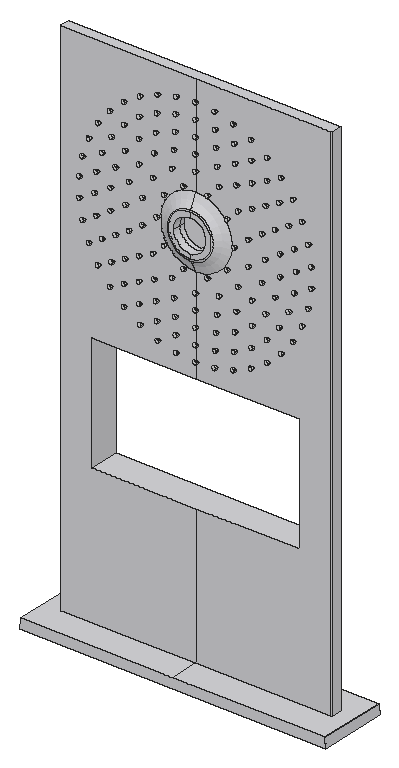
Revit family "Shower-Wall_Mount_Showerhead-KOHLER-BEITOU-K-72830T_1", category Plumbing Fixtures, host Face, Revit 2017 (continued)
Definition of nested family "K-72830T"
  Lines and regions (in)
    symbolic lines, detail levels medium+fine
      curve 271: arc (-2.75942, 0.00923, 16.08296) -> (-2.83433, 0.00923, 16.15787) -> (-2.90924, 0.00923, 16.08296) r 0.07491
      curve 272: arc (-4.16873, 0.00923, 16.08296) -> (-4.09382, 0.00923, 16.00805) -> (-4.01891, 0.00923, 16.08296) r 0.07491
      curve 273: arc (-4.01891, 0.00923, 16.08296) -> (-4.09382, 0.00923, 16.15787) -> (-4.16873, 0.00923, 16.08296) r 0.07491
      curve 274: arc (-0.07491, 0.00923, 18.2888) -> (0, 0.00923, 18.21389) -> (0.07491, 0.00923, 18.2888) r 0.07491
      curve 275: arc (0.07491, 0.00923, 18.2888) -> (0, 0.00923, 18.36371) -> (-0.07491, 0.00923, 18.2888) r 0.07491
      curve 276: arc (-0.07491, 0.00923, 18.92005) -> (0, 0.00923, 18.84515) -> (0.07491, 0.00923, 18.92005) r 0.07491
      curve 277: arc (0.07491, 0.00923, 18.92005) -> (0, 0.00923, 18.99496) -> (-0.07491, 0.00923, 18.92005) r 0.07491
      curve 278: arc (-0.07491, 0.00923, 19.54645) -> (0, 0.00923, 19.47154) -> (0.07491, 0.00923, 19.54645) r 0.07491
      curve 279: arc (0.07491, 0.00923, 19.54645) -> (0, 0.00923, 19.62136) -> (-0.07491, 0.00923, 19.54645) r 0.07491
      curve 280: arc (-0.07491, 0.00923, 20.17532) -> (0, 0.00923, 20.10041) -> (0.07491, 0.00923, 20.17532) r 0.07491
      curve 281: arc (0.07491, 0.00923, 20.17532) -> (0, 0.00923, 20.25023) -> (-0.07491, 0.00923, 20.17532) r 0.07491
      curve 282: arc (-0.07491, 0.00923, 20.81056) -> (0, 0.00923, 20.73565) -> (0.07491, 0.00923, 20.81056) r 0.07491
      curve 283: arc (0.07491, 0.00923, 20.81056) -> (0, 0.00923, 20.88547) -> (-0.07491, 0.00923, 20.81056) r 0.07491
      curve 284: arc (0.65579, 0.00923, 16.08268) -> (0, 0.00923, 16.73847) -> (-0.65579, 0.00923, 16.08268) r 0.65579
      curve 285: arc (-0.65579, 0.00923, 16.08268) -> (0, 0.00923, 15.42689) -> (0.65579, 0.00923, 16.08268) r 0.65579
      curve 286: circle (0, 0.00923, 16.08268) r 1.46741 normal (0, -1, 0)
      curve 287: line (0, 1.02369, 0.3937) -> (0, -0.18543, 0.3937)
      curve 288: line (0, 0.24803, 0.3937) -> (0, 0.24803, 21.64173)
      curve 289: line (0, -0.185, 20.88549) -> (0, -0.185, 11.28148)
      curve 290: line (0, -0.185, 11.28148) -> (0, -0.24668, 11.28148)
      curve 291: line (0, -0.185, 11.34843) -> (0, -0.24668, 11.34843)
      curve 292: line (0, -0.185, 11.85257) -> (0, -0.24668, 11.85257)
      curve 293: line (0, -0.185, 12.00244) -> (0, -0.24668, 12.00244)
      curve 294: line (0, -0.185, 12.14275) -> (0, -0.24668, 12.14275)
      curve 295: line (0, -0.185, 12.22766) -> (0, -0.24668, 12.22766)
      curve 296: line (0, -0.185, 12.28137) -> (0, -0.24668, 12.28137)
      curve 297: line (0, -0.185, 12.43128) -> (0, -0.24668, 12.43128)
      curve 298: line (0, -0.185, 12.53946) -> (0, -0.24668, 12.53946)
      curve 299: line (0, -0.185, 12.60368) -> (0, -0.24668, 12.60368)
      curve 300: line (0, -0.185, 12.75357) -> (0, -0.24668, 12.75357)
      curve 301: line (0, -0.185, 12.79421) -> (0, -0.24668, 12.79421)
      curve 302: line (0, -0.185, 12.81008) -> (0, -0.24668, 12.81008)
      curve 303: line (0, -0.185, 12.96015) -> (0, -0.24668, 12.96015)
      curve 304: line (0, -0.185, 13.09396) -> (0, -0.24668, 13.09396)
      curve 305: line (0, -0.185, 13.11417) -> (0, -0.24668, 13.11417)
      curve 306: line (0, -0.185, 13.26387) -> (0, -0.24668, 13.26387)
      curve 307: line (0, -0.185, 13.31061) -> (0, -0.24668, 13.31061)
      curve 308: line (0, -0.185, 13.41576) -> (0, -0.24668, 13.41576)
      curve 309: line (0, -0.185, 13.42423) -> (0, -0.24668, 13.42423)
      curve 310: line (0, -0.185, 13.73189) -> (0, -0.24668, 13.73189)
      curve 311: line (0, -0.185, 13.88172) -> (0, -0.24668, 13.88172)
      curve 312: line (0, -0.185, 14.03844) -> (0, -0.24668, 14.03844)
      curve 313: line (0, -0.185, 14.11101) -> (0, -0.24668, 14.11101)
      curve 314: line (0, -0.185, 14.44215) -> (0, -0.24668, 14.44215)
      curve 315: line (0, -0.185, 14.59099) -> (0, -0.24668, 14.59099)
      curve 316: line (0, -0.185, 14.63649) -> (0, -0.24668, 14.63649)
      curve 317: line (0, -0.185, 14.78025) -> (0, -0.24668, 14.78025)
      curve 318: line (0, -0.185, 14.84873) -> (0, -0.24668, 14.84873)
      curve 319: line (0, -0.185, 15.08599) -> (0, -0.24668, 15.08599)
      curve 320: line (0, -0.185, 14.99812) -> (0, -0.24668, 14.99812)
      curve 321: line (0, -0.185, 15.12609) -> (0, -0.24668, 15.12609)
      curve 322: line (0, -0.185, 15.20862) -> (0, -0.24668, 15.20862)
      curve 323: line (0, -0.185, 15.5131) -> (0, -0.24668, 15.5131)
      curve 324: line (0, -0.24668, 15.5131) -> (0, -0.24668, 15.76771)
      curve 325: line (0, -0.24668, 15.76771) -> (0, -0.185, 15.76771)
      curve 326: line (0, -0.185, 15.58979) -> (0, -0.24668, 15.58979)
      curve 327: line (0, -0.185, 15.61847) -> (0, -0.24668, 15.61847)
      curve 328: line (0, -0.185, 16.15856) -> (0, -0.24668, 16.15856)
      curve 329: line (0, -0.24668, 16.15856) -> (0, -0.24668, 16.00805)
      curve 330: line (0, -0.24668, 16.00805) -> (0, -0.185, 16.00805)
      curve 331: line (0, -0.185, 16.6519) -> (0, -0.24668, 16.6519)
      curve 332: line (0, -0.24668, 16.6519) -> (0, -0.24668, 16.39821)
      curve 333: line (0, -0.24668, 16.39821) -> (0, -0.185, 16.39821)
      curve 334: line (0, -0.185, 16.57564) -> (0, -0.24668, 16.57564)
      curve 335: line (0, -0.185, 16.54707) -> (0, -0.24668, 16.54707)
      curve 336: line (0, -0.185, 17.08182) -> (0, -0.24668, 17.08182)
      curve 337: line (0, -0.24668, 17.08182) -> (0, -0.24668, 16.80714)
      curve 338: line (0, -0.24668, 16.80714) -> (0, -0.185, 16.80714)
      curve 339: line (0, -0.185, 16.95602) -> (0, -0.24668, 16.95602)
      curve 340: line (0, -0.185, 17.03959) -> (0, -0.24668, 17.03959)
      curve 341: line (0, -0.185, 17.16642) -> (0, -0.24668, 17.16642)
      curve 342: line (0, -0.24668, 17.16642) -> (0, -0.24668, 17.38551)
      curve 343: line (0, -0.24668, 17.38551) -> (0, -0.185, 17.38551)
      curve 344: line (0, -0.185, 17.31688) -> (0, -0.24668, 17.31688)
      curve 345: line (0, -0.24668, 17.52991) -> (0, -0.185, 17.52991)
      curve 346: line (0, -0.185, 17.57377) -> (0, -0.24668, 17.57377)
      curve 347: line (0, -0.185, 17.72362) -> (0, -0.24668, 17.72362)
      curve 348: line (0, -0.185, 18.05482) -> (0, -0.24668, 18.05482)
      curve 349: line (0, -0.185, 18.12789) -> (0, -0.24668, 18.12789)
      curve 350: line (0, -0.185, 18.28488) -> (0, -0.24576, 18.28488)
      curve 351: line (0, -0.185, 18.43465) -> (0, -0.24668, 18.43465)
      curve 352: line (0, -0.185, 18.74162) -> (0, -0.24668, 18.74162)
      curve 353: line (0, -0.185, 18.75005) -> (0, -0.24668, 18.75005)
      curve 354: line (0, -0.185, 18.84473) -> (0, -0.24668, 18.84473)
      curve 355: line (0, -0.185, 18.85544) -> (0, -0.24668, 18.85544)
      curve 356: line (0, -0.185, 18.90173) -> (0, -0.24668, 18.90173)
      curve 357: line (0, -0.185, 18.9948) -> (0, -0.24668, 18.9948)
      curve 358: line (0, -0.185, 19.05171) -> (0, -0.24668, 19.05171)
      curve 359: line (0, -0.185, 19.07188) -> (0, -0.24668, 19.07188)
      curve 360: line (0, -0.185, 19.2056) -> (0, -0.24668, 19.2056)
      curve 361: line (0, -0.185, 19.22238) -> (0, -0.24668, 19.22238)
      curve 362: line (0, -0.185, 19.35555) -> (0, -0.24668, 19.35555)
      curve 363: line (0, -0.185, 19.37192) -> (0, -0.24668, 19.37192)
      curve 364: line (0, -0.185, 19.41234) -> (0, -0.24668, 19.41234)
      curve 365: line (0, -0.185, 19.47097) -> (0, -0.24668, 19.47097)
      curve 366: line (0, -0.185, 19.5214) -> (0, -0.24668, 19.5214)
      curve 367: line (0, -0.185, 19.56287) -> (0, -0.24668, 19.56287)
      curve 368: line (0, -0.185, 19.78794) -> (0, -0.24668, 19.78794)
      curve 369: line (0, -0.185, 19.88448) -> (0, -0.24668, 19.88448)
      curve 370: line (0, -0.185, 19.93727) -> (0, -0.24668, 19.93727)
      curve 371: line (0, -0.185, 20.10058) -> (0, -0.24668, 20.10058)
      curve 372: line (0, -0.185, 20.16369) -> (0, -0.24668, 20.16369)
      curve 373: line (0, -0.185, 20.17287) -> (0, -0.24668, 20.17287)
      curve 374: line (0, -0.185, 20.25022) -> (0, -0.24668, 20.25022)
      curve 375: line (0, -0.185, 20.73547) -> (0, -0.24668, 20.73547)
      curve 376: line (0, -0.185, 20.81717) -> (0, -0.24668, 20.81717)
      curve 377: line (0, -0.24668, 14.78025) -> (0, -0.24668, 14.99812)
      curve 378: line (0, -0.24668, 14.84873) -> (0, -0.185, 14.84873)
      curve 379: line (0, -0.185, 14.93055) -> (0, -0.24668, 14.93055)
      curve 380: line (0, -0.185, 15.23517) -> (0, -0.24668, 15.23517)
      curve 381: line (0, -0.185, 15.27629) -> (0, -0.24668, 15.27629)
      curve 382: line (0, -0.24668, 15.27629) -> (0, -0.24668, 15.08599)
      curve 383: line (0, -0.24668, 15.35878) -> (0, -0.185, 15.35878)
      curve 384: line (0, -0.24668, 15.35878) -> (0, -0.24668, 15.27629)
      curve 385: line (0, -0.24668, 15.66524) -> (0, -0.185, 15.66524)
      curve 386: line (0, -0.185, 15.7396) -> (0, -0.24668, 15.7396)
      curve 387: line (0, -0.24668, 16.42724) -> (0, -0.185, 16.42724)
      curve 388: line (0, -0.24668, 16.50067) -> (0, -0.185, 16.50067)
      curve 389: line (0, -0.24668, 11.43126) -> (0, -0.185, 11.43126)
      curve 390: line (0, -0.24668, 11.91056) -> (0, -0.185, 11.91056)
      curve 391: line (0, -0.24668, 12.06038) -> (0, -0.185, 12.06038)
      curve 392: line (0, -0.24668, 12.14275) -> (0, -0.185, 12.14275)
      curve 393: line (0, -0.24668, 12.37745) -> (0, -0.185, 12.37745)
      curve 394: line (0, -0.24668, 12.64426) -> (0, -0.185, 12.64426)
      curve 395: line (0, -0.24668, 12.68929) -> (0, -0.185, 12.68929)
      curve 396: line (0, -0.24668, 12.94404) -> (0, -0.185, 12.94404)
      curve 397: line (0, -0.24668, 13.17298) -> (0, -0.185, 13.17298)
      curve 398: line (0, -0.24668, 13.3228) -> (0, -0.185, 13.3228)
      curve 399: line (0, -0.24668, 13.4605) -> (0, -0.185, 13.4605)
      curve 400: line (0, -0.24668, 13.79839) -> (0, -0.185, 13.79839)
      curve 401: line (0, -0.24668, 13.86327) -> (0, -0.185, 13.86327)
      curve 402: line (0, -0.24668, 14.17184) -> (0, -0.185, 14.17184)
      curve 403: line (0, -0.24668, 14.18851) -> (0, -0.185, 14.18851)
      curve 404: line (0, -0.24668, 14.49041) -> (0, -0.185, 14.49041)
      curve 405: line (0, -0.24668, 14.50656) -> (0, -0.185, 14.50656)
      curve 406: line (0, -0.24668, 16.88974) -> (0, -0.185, 16.88974)
      curve 407: line (0, -0.24668, 16.93152) -> (0, -0.185, 16.93152)
      curve 408: line (0, -0.24668, 17.23621) -> (0, -0.185, 17.23621)
      curve 409: line (0, -0.24668, 17.50954) -> (0, -0.185, 17.50954)
      curve 410: line (0, -0.24668, 17.65935) -> (0, -0.185, 17.65935)
      curve 411: line (0, -0.24668, 17.67551) -> (0, -0.185, 17.67551)
      curve 412: line (0, -0.24668, 17.97741) -> (0, -0.185, 17.97741)
      curve 413: line (0, -0.24668, 17.99408) -> (0, -0.185, 17.99408)
      curve 414: line (0, -0.24668, 18.30264) -> (0, -0.185, 18.30264)
      curve 415: line (0, -0.24668, 18.36371) -> (0, -0.185, 18.36371)
      curve 416: line (0, -0.24668, 18.60035) -> (0, -0.185, 18.60035)
      curve 417: line (0, -0.24668, 18.70542) -> (0, -0.185, 18.70542)
      curve 418: line (4.70472, 1.02369, 0) -> (-4.70472, 1.02369, 0)
      curve 419: line (-4.70472, 1.02369, 0) -> (-4.70472, 0.24803, 0)
      curve 420: line (4.70472, 0.24803, 0) -> (4.70472, 1.02369, 0)
      curve 421: line (0, 0.24803, 0) -> (-5.51181, 0.24803, 0)
      curve 422: line (-5.51181, 0.24803, 0) -> (-5.51181, -0.14707, 0)
      curve 423: arc (-5.51181, -0.14707, 0) -> (-5.50069, -0.17392, 0) -> (-5.47384, -0.18504, 0) r 0.03797
      curve 424: line (-5.47384, -0.18504, 0) -> (0, -0.18504, 0)
      curve 425: line (5.51181, 0.24803, 0) -> (0, 0.24803, 0)
      curve 426: line (0, -0.18504, 0) -> (5.47384, -0.18504, 0)
      curve 427: line (5.51181, -0.14707, 0) -> (5.51181, 0.24803, 0)
      curve 428: arc (5.47384, -0.18504, 0) -> (5.50069, -0.17392, 0) -> (5.51181, -0.14707, 0) r 0.03797
      curve 429: line (-0.07744, -0.18504, 0) -> (-0.07744, -0.24668, 0)
      curve 430: line (-0.07744, -0.24668, 0) -> (0, -0.24668, 0)
      curve 431: line (-0.56085, -0.18504, 0) -> (-0.56085, -0.24668, 0)
      curve 432: line (-0.56085, -0.24668, 0) -> (-0.41248, -0.24668, 0)
      curve 433: line (-0.41248, -0.24668, 0) -> (-0.41248, -0.18504, 0)
      curve 434: line (-0.70159, -0.18504, 0) -> (-0.70159, -0.24668, 0)
      curve 435: line (-0.70159, -0.24668, 0) -> (-1.03662, -0.24668, 0)
      curve 436: line (-1.03662, -0.24668, 0) -> (-1.03662, -0.18504, 0)
      curve 437: line (-0.95189, -0.18504, 0) -> (-0.95189, -0.24668, 0)
      curve 438: line (-0.90222, -0.18504, 0) -> (-0.90222, -0.24668, 0)
      curve 439: line (-0.87397, -0.18504, 0) -> (-0.87397, -0.24668, 0)
      curve 440: line (-0.85157, -0.18504, 0) -> (-0.85157, -0.24668, 0)
      curve 441: line (-1.19963, -0.18504, 0) -> (-1.19963, -0.24668, 0)
      curve 442: line (-1.19963, -0.24668, 0) -> (-1.28842, -0.24668, 0)
      curve 443: line (-1.35026, -0.24668, 0) -> (-1.35026, -0.21998, 0)
      curve 444: line (-1.45931, -0.18504, 0) -> (-1.45931, -0.24668, 0)
      curve 445: line (-1.45931, -0.24668, 0) -> (-1.79947, -0.24668, 0)
      curve 446: line (-1.79947, -0.24668, 0) -> (-1.79947, -0.18504, 0)
      curve 447: line (-1.6093, -0.18504, 0) -> (-1.6093, -0.24668, 0)
      curve 448: line (-1.64241, -0.18504, 0) -> (-1.64241, -0.24668, 0)
      curve 449: line (-1.68526, -0.18504, 0) -> (-1.68526, -0.24668, 0)
      curve 450: line (-1.74272, -0.18504, 0) -> (-1.74272, -0.24668, 0)
      curve 451: line (-2.07827, -0.18504, 0) -> (-2.07827, -0.24668, 0)
      curve 452: line (-2.07827, -0.24668, 0) -> (-2.37128, -0.24668, 0)
      curve 453: line (-2.37128, -0.24668, 0) -> (-2.37128, -0.18504, 0)
      curve 454: line (-2.1717, -0.18504, 0) -> (-2.1717, -0.24668, 0)
      curve 455: line (-2.34874, -0.18504, 0) -> (-2.34874, -0.24668, 0)
      curve 456: line (-2.32127, -0.18504, 0) -> (-2.32127, -0.24668, 0)
      curve 457: line (-2.62238, -0.18504, 0) -> (-2.62238, -0.24668, 0)
      curve 458: line (-2.62238, -0.24668, 0) -> (-2.9835, -0.24668, 0)
      curve 459: line (-2.9835, -0.24668, 0) -> (-2.9835, -0.18504, 0)
      curve 460: line (-2.77281, -0.18504, 0) -> (-2.77281, -0.24668, 0)
      curve 461: line (-2.83382, -0.18504, 0) -> (-2.83382, -0.24668, 0)
      curve 462: line (-3.16304, -0.18504, 0) -> (-3.16304, -0.24668, 0)
      curve 463: line (-3.16304, -0.24668, 0) -> (-3.31392, -0.24668, 0)
      curve 464: line (-3.31392, -0.24668, 0) -> (-3.31392, -0.18504, 0)
      curve 465: line (-3.33045, -0.18504, 0) -> (-3.33045, -0.24668, 0)
      curve 466: line (-3.33045, -0.24668, 0) -> (-3.5505, -0.24668, 0)
      curve 467: line (-3.5505, -0.24668, 0) -> (-3.5505, -0.18504, 0)
      curve 468: line (-3.40048, -0.18504, 0) -> (-3.40048, -0.24668, 0)
      curve 469: line (-3.70712, -0.18504, 0) -> (-3.70712, -0.24668, 0)
      curve 470: line (-3.70712, -0.24668, 0) -> (-3.85651, -0.24668, 0)
      curve 471: line (-3.85651, -0.24668, 0) -> (-3.85651, -0.18504, 0)
      curve 472: line (-3.87886, -0.18504, 0) -> (-3.87886, -0.24668, 0)
      curve 473: line (-3.87886, -0.24668, 0) -> (-4.16873, -0.24668, 0)
      curve 474: line (-4.16873, -0.24668, 0) -> (-4.16873, -0.18504, 0)
      curve 475: line (-4.02753, -0.18504, 0) -> (-4.02753, -0.24668, 0)
      curve 476: line (-4.09146, -0.18504, 0) -> (-4.09146, -0.24668, 0)
      curve 477: line (-4.25097, -0.18504, 0) -> (-4.25097, -0.24668, 0)
      curve 478: line (-4.25097, -0.24668, 0) -> (-4.40152, -0.24668, 0)
      curve 479: line (-4.40152, -0.24668, 0) -> (-4.40152, -0.18504, 0)
      curve 480: line (-4.50399, -0.18504, 0) -> (-4.50399, -0.24668, 0)
      curve 481: line (-4.50399, -0.24668, 0) -> (-4.78243, -0.24668, 0)
      curve 482: line (-4.78243, -0.24668, 0) -> (-4.78243, -0.18504, 0)
      curve 483: line (-4.65762, -0.18504, 0) -> (-4.65762, -0.24668, 0)
      curve 484: line (0.07744, -0.18504, 0) -> (0.07744, -0.24668, 0)
      curve 485: line (0.07744, -0.24668, 0) -> (0, -0.24668, 0)
      curve 486: line (0.56085, -0.18504, 0) -> (0.56085, -0.24668, 0)
      curve 487: line (0.56085, -0.24668, 0) -> (0.41248, -0.24668, 0)
      curve 488: line (0.41248, -0.24668, 0) -> (0.41248, -0.18504, 0)
      curve 489: line (0.70159, -0.18504, 0) -> (0.70159, -0.24668, 0)
      curve 490: line (0.70159, -0.24668, 0) -> (1.03662, -0.24668, 0)
      curve 491: line (1.03662, -0.24668, 0) -> (1.03662, -0.18504, 0)
      curve 492: line (0.95189, -0.18504, 0) -> (0.95189, -0.24668, 0)
      curve 493: line (0.90222, -0.18504, 0) -> (0.90222, -0.24668, 0)
      curve 494: line (0.87397, -0.18504, 0) -> (0.87397, -0.24668, 0)
      curve 495: line (0.85157, -0.18504, 0) -> (0.85157, -0.24668, 0)
      curve 496: line (1.19963, -0.18504, 0) -> (1.19963, -0.24668, 0)
      curve 497: line (1.19963, -0.24668, 0) -> (1.35026, -0.24668, 0)
      curve 498: line (1.35026, -0.24668, 0) -> (1.35026, -0.18504, 0)
      curve 499: line (1.45931, -0.18504, 0) -> (1.45931, -0.24668, 0)
      curve 500: line (1.45931, -0.24668, 0) -> (1.79947, -0.24668, 0)
      curve 501: line (1.79947, -0.24668, 0) -> (1.79947, -0.18504, 0)
      curve 502: line (1.6093, -0.18504, 0) -> (1.6093, -0.24668, 0)
      curve 503: line (1.64241, -0.18504, 0) -> (1.64241, -0.24668, 0)
      curve 504: line (1.68526, -0.18504, 0) -> (1.68526, -0.24668, 0)
      curve 505: line (1.74272, -0.18504, 0) -> (1.74272, -0.24668, 0)
      curve 506: line (2.07827, -0.18504, 0) -> (2.07827, -0.24668, 0)
      curve 507: line (2.07827, -0.24668, 0) -> (2.37128, -0.24668, 0)
      curve 508: line (2.37128, -0.24668, 0) -> (2.37128, -0.18504, 0)
      curve 509: line (2.1717, -0.18504, 0) -> (2.1717, -0.24668, 0)
      curve 510: line (2.34874, -0.18504, 0) -> (2.34874, -0.24668, 0)
      curve 511: line (2.32127, -0.18504, 0) -> (2.32127, -0.24668, 0)
      curve 512: line (2.62238, -0.18504, 0) -> (2.62238, -0.24668, 0)
      curve 513: line (2.62238, -0.24668, 0) -> (2.9835, -0.24668, 0)
      curve 514: line (2.9835, -0.24668, 0) -> (2.9835, -0.18504, 0)
      curve 515: line (2.77281, -0.18504, 0) -> (2.77281, -0.24668, 0)
      curve 516: line (2.83382, -0.18504, 0) -> (2.83382, -0.24668, 0)
      curve 517: line (3.16304, -0.18504, 0) -> (3.16304, -0.24668, 0)
      curve 518: line (3.16304, -0.24668, 0) -> (3.31392, -0.24668, 0)
      curve 519: line (3.31392, -0.24668, 0) -> (3.31392, -0.18504, 0)
      curve 520: line (3.33045, -0.18504, 0) -> (3.33045, -0.24668, 0)
      curve 521: line (3.33045, -0.24668, 0) -> (3.5505, -0.24668, 0)
      curve 522: line (3.5505, -0.24668, 0) -> (3.5505, -0.18504, 0)
      curve 523: line (3.40048, -0.18504, 0) -> (3.40048, -0.24668, 0)
      curve 524: line (3.70712, -0.18504, 0) -> (3.70712, -0.24668, 0)
      curve 525: line (3.70712, -0.24668, 0) -> (3.85651, -0.24668, 0)
      curve 526: line (3.85651, -0.24668, 0) -> (3.85651, -0.18504, 0)
      curve 527: line (3.87886, -0.18504, 0) -> (3.87886, -0.24668, 0)
      curve 528: line (3.87886, -0.24668, 0) -> (4.16873, -0.24668, 0)
      curve 529: line (4.16873, -0.24668, 0) -> (4.16873, -0.18504, 0)
      curve 530: line (4.02753, -0.18504, 0) -> (4.02753, -0.24668, 0)
      curve 531: line (4.09146, -0.18504, 0) -> (4.09146, -0.24668, 0)
      curve 532: line (4.25097, -0.18504, 0) -> (4.25097, -0.24668, 0)
      curve 533: line (4.25097, -0.24668, 0) -> (4.40152, -0.24668, 0)
      curve 534: line (4.40152, -0.24668, 0) -> (4.40152, -0.18504, 0)
      curve 535: line (4.50399, -0.18504, 0) -> (4.50399, -0.24668, 0)
      curve 536: line (4.50399, -0.24668, 0) -> (4.78243, -0.24668, 0)
      curve 537: line (4.78243, -0.24668, 0) -> (4.78243, -0.18504, 0)
      curve 538: line (4.65762, -0.18504, 0) -> (4.65762, -0.24668, 0)
      curve 539: line (0, -0.49299, 0) -> (-0.86384, -0.49299, 0)
      curve 540: arc (-0.86384, -0.49299, 0) -> (-0.91255, -0.48228, 0) -> (-0.95228, -0.45214, 0) r 0.11618
      curve 541: arc (-0.95228, -0.45214, 0) -> (-1.11415, -0.33927, 0) -> (-1.28842, -0.24668, 0) r 1.63826
      curve 542: line (-1.28842, -0.24668, 0) -> (-1.35026, -0.24668, 0)
      curve 543: line (-1.35026, -0.21998, 0) -> (-1.35026, -0.18504, 0)
      curve 544: arc (-1.35026, -0.21998, 0) -> (-1.39691, -0.20179, 0) -> (-1.44409, -0.18504, 0) r 1.63826
      curve 545: line (0, -0.49299, 0) -> (0.86384, -0.49299, 0)
      curve 546: arc (0.86384, -0.49299, 0) -> (0.91255, -0.48228, 0) -> (0.95228, -0.45214, 0) r 0.11618
      curve 547: arc (0.95228, -0.45214, 0) -> (1.11415, -0.33927, 0) -> (1.28842, -0.24668, 0) r 1.63826
      curve 548: arc (1.35026, -0.21998, 0) -> (1.39691, -0.20179, 0) -> (1.44409, -0.18504, 0) r 1.63826
      curve 549: circle (0, 0.00923, 16.08268) r 0.68238 normal (0, -1, 0)
      curve 550: line (-4.2126, 0.00923, 10.74803) -> (-4.2126, 0.00923, 10.85692)
      curve 551: line (-4.2126, 0.00923, 10.85692) -> (4.2126, 0.00923, 10.85692)
      curve 552: line (4.2126, 0.00923, 10.74803) -> (4.2126, 0.00923, 10.85692)
      curve 553: line (-4.2126, 0.00923, 6.02362) -> (-4.2126, 0.00923, 5.93371)
      curve 554: line (-4.2126, 0.00923, 5.93371) -> (4.2126, 0.00923, 5.93371)
      curve 555: line (4.2126, 0.00923, 6.02362) -> (4.2126, 0.00923, 5.93371)
      curve 556: line (-4.01575, 0.00923, 6.09505) -> (4.01575, 0.00923, 6.09505)
  Dimensions and locks (in)
    plane 4 to level = 21.64173"
    plane 6 to plane 5 = 11.02362"
    plane 7 to plane 8 = 12.40157"
    plane 8 to plane 7 = 12.40157"
    Extrusion 11 sketch curve to plane 3 "Center (Left/Right)" = 2.06693"
    plane 3 "Center (Left/Right)" to Extrusion 11 sketch curve = 2.06693"
    aligned and locked: level to plane 2
